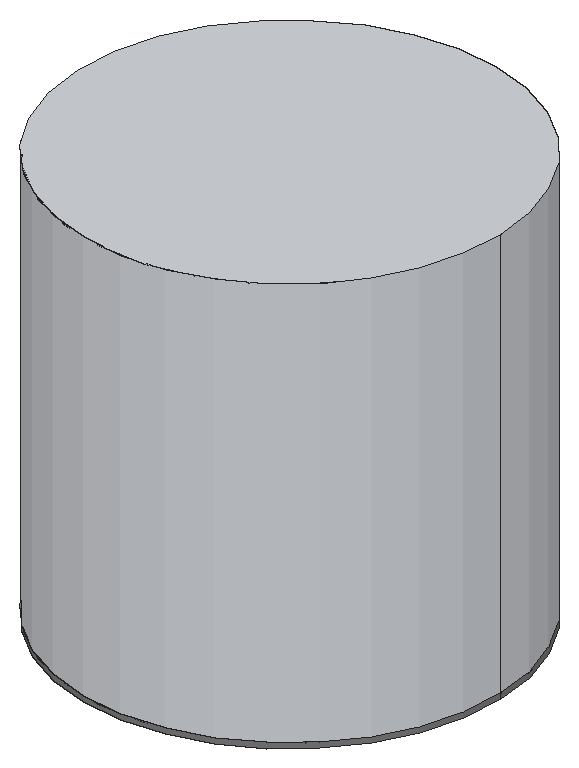
Revit family "Recessed Downlight Face Based", category Lighting Fixtures, Revit 2019
Family settings
  Round Connector Dimension = Use Diameter
  Part Type = Normal
  OmniClass Number = 23.80.70.00
  OmniClass Title = Lighting
  Work Plane-Based = Yes
  Always vertical = No
  Cut with Voids When Loaded = No
  Light Source = Yes
  Shared = No
  Room Calculation Point = No
Parameters (values of type "D3.1 Panos Infinity 32W T-Rail")
  Wattage Comments = "19.4"
  Wattage = 4.18737 W
  built-in parameter 1150110 = 1 (stored number, unit not read)
  URL = ""
  Type Comments = "D3.1"
  built-in parameter 1114217 = 0.8 (stored number, unit not read)
  Tilt Angle = 90.00°
  built-in parameter 1150109 = 1 (stored number, unit not read)
  built-in parameter 1150134 = 12
  built-in parameter 1150113 = 1 (stored number, unit not read)
  built-in parameter 1010507 = 0.5236 (stored number, unit not read)
  built-in parameter 1010506 = 0.2618 (stored number, unit not read)
  PRL_LTGSchedule_Output = ""
  PRL_LTGSchedule_Manufacturer = ""
  PRL_LTGSchedule_Lifetime = ""
  PRL_LTGSchedule_Installation = ""
  PRL_LTGSchedule_Description = ""
  PRL_LTGSchedule_Control = ""
  PRL_LTGSchedule_Classification = ""
  PRL_LTGSchedule_CatNo = ""
  PRL_LTGSchedule_CCT = ""
  PRL_LTGSchedule_Accessories = ""
  PRL_AppearsInSchedule = yes
  Manufacturer = "C"
  Lumens = 622 lm
  built-in parameter 1150115 = 1 (stored number, unit not read)
  built-in parameter 1150105 = 8097.9 (stored number, unit not read)
  built-in parameter 1150131 = 3048 mm
  built-in parameter 1150137 = (empty or 0)
  built-in parameter 1150139 = (empty or 0)
  built-in parameter 1150112 = 1 (stored number, unit not read)
  built-in parameter 1150114 = 1 (stored number, unit not read)
  Lamp = "1"
  built-in parameter 1150132 = 2
  built-in parameter 1150102 = (empty or 0)
  built-in parameter 1150138 = (empty or 0)
  built-in parameter 1150107 = 4000 (stored number, unit not read)
  built-in parameter 1150106 = 80.979 (stored number, unit not read)
  Family Revision = 4
  Emit from Circle Diameter = 155 mm
  Emit Shape Visible in Rendering = no
  built-in parameter 1150104 = 13.8 (stored number, unit not read)
  Dimming Lamp Color Temperature Shift = <None>
  Diameter = 155 mm
  Description = "C"
  Depth = 146 mm
  Default Elevation = 1219.2 mm
  Color Filter = 16777215
  built-in parameter 1114218 = 1 (stored number, unit not read)
  Light Source Symbol Length = 3048 mm
  Arm length = Diameter * 2  # 310 mm
  Apparent Load = 13.8 VA
Types (12, lengths in mm): name | Wattage | Type Comments | built-in parameter 1114217 | built-in parameter 1010507 | built-in parameter 1010506 | PRL_LTGSchedule_Output | PRL_LTGSchedule_Manufacturer | PRL_LTGSchedule_Lifetime | PRL_LTGSchedule_Installation | PRL_LTGSchedule_Description | PRL_LTGSchedule_Control | PRL_LTGSchedule_CatNo | PRL_LTGSchedule_CCT | PRL_LTGSchedule_Accessories | Manufacturer | Lumens | built-in parameter 1150105 | built-in parameter 1150106 | Description
  D3.1 Panos Infinity 32W T-Rail | 4.18737 W | "D3.1" | 0.8 (stored number, unit not read) | 0.5236 (stored number, unit not read) | 0.2618 (stored number, unit not read) | "" | "" | "" | "" | "" | "" | "" | "" | "" | "C" | 622 lm | 8097.9 (stored number, unit not read) | 80.979 (stored number, unit not read) | "C"
  D52.10 ELS ADL110 XTM 16.5W Vaneered Paneling 3000K | 8.65749 W | "D52.10" | 0.95 (stored number, unit not read) | 1.5708 (stored number, unit not read) | 0.5236 (stored number, unit not read) | "" | "" | "" | "" | "" | "" | "" | "" | "" | "" | 1286 lm | 4299.8 (stored number, unit not read) | 42.998 (stored number, unit not read) | ""
  D51.10 ELS ADL110 XTM 16.5W Vaneered Paneling 4000K | 8.65749 W | "D51.10" | 0.95 (stored number, unit not read) | 1.5708 (stored number, unit not read) | 0.5236 (stored number, unit not read) | "" | "" | "" | "" | "" | "" | "" | "" | "" | "" | 1286 lm | 4299.8 (stored number, unit not read) | 42.998 (stored number, unit not read) | ""
  D12.2 ERCO Compact Lens 42W Gib | 14.1374 W | "D12.2" | 0.8 (stored number, unit not read) | 1.5708 (stored number, unit not read) | 0.5236 (stored number, unit not read) | "" | "" | "" | "" | "" | "" | "" | "" | "" | "" | 2100 lm | 7021.5 (stored number, unit not read) | 70.215 (stored number, unit not read) | ""
  D12.1 ERCO Compact Lens Wallwasher 43W T-Rail | 8.65749 W | "D12.1" | 0.95 (stored number, unit not read) | 1.5708 (stored number, unit not read) | 0.5236 (stored number, unit not read) | "" | "" | "" | "" | "" | "" | "" | "" | "" | "" | 1286 lm | 4299.8 (stored number, unit not read) | 42.998 (stored number, unit not read) | ""
  D9.3 ERCO Compact Downlight 16W Soffit | 8.65749 W | "D9.3" | 0.95 (stored number, unit not read) | 1.5708 (stored number, unit not read) | 0.5236 (stored number, unit not read) | "" | "" | "" | "" | "" | "" | "" | "" | "" | "" | 1286 lm | 4299.8 (stored number, unit not read) | 42.998 (stored number, unit not read) | ""
  D4.2 Panos Infinity 32W Gib IP54 | 8.65749 W | "D4.2" | 0.95 (stored number, unit not read) | 1.5708 (stored number, unit not read) | 0.5236 (stored number, unit not read) | "15W LED\r\n1882 lm" | "Zumtobel" | "50,000 Hrs\r\nL95" | "Recessed in Plaster/Gib Ceiling" | "Recessed 100mm deep down-light with trim & smooth optic.\r\nColour = White." | "Casambi Enabled DALI Dimmable Control Gear (Tridonic BasicDIM Wireless Or Casambi CBU-ASD Module)" | "Panos Infinity\r\nE200 LG" | "4000K\r\nCRI=90+" | "IP54 transparent attachment" | "" | 1286 lm | 4299.8 (stored number, unit not read) | 42.998 (stored number, unit not read) | ""
  D3.2 Panos Infinity 32W Gib | 17.6516 W | "D3.2" | 0.8 (stored number, unit not read) | 1.5708 (stored number, unit not read) | 0.5236 (stored number, unit not read) | "" | "" | "" | "" | "" | "" | "" | "" | "" | "C" | 2622 lm | 8766.8 (stored number, unit not read) | 87.668 (stored number, unit not read) | ""
  D2.2 Panos Infinity 16W Gib | 13.0603 W | "D2.2" | 0.8 (stored number, unit not read) | 0.7854 (stored number, unit not read) | 0.2618 (stored number, unit not read) | "16W LED\r\n1940 lm" | "Zumtobel" | "5 years" | "Recessed in Plaster/Gib Ceiling" | "Recessed 100mm deep down-light with white trim, CRI = 90+ LEDs, smooth optic, IP54 transparent attachment." | "Fixed output ECG" | "Panos Infinity\r\nE200 LG LED" | "4000K\r\nCRI=90+" | "" | "" | 1940 lm | 6486.5 (stored number, unit not read) | 64.865 (stored number, unit not read) | ""
  D2.1 Panos Infinity 16W T-Rail | 13.0603 W | "D2.1" | 0.8 (stored number, unit not read) | 1.5708 (stored number, unit not read) | 0.5236 (stored number, unit not read) | "" | "" | "" | "" | "" | "" | "" | "" | "" | "" | 1940 lm | 6486.5 (stored number, unit not read) | 64.865 (stored number, unit not read) | ""
  S2.5 Touch Maxi LED Ixpoint mount Black | 8.65749 W | "S2.5" | 0.95 (stored number, unit not read) | 1.5708 (stored number, unit not read) | 0.5236 (stored number, unit not read) | "" | "" | "" | "" | "" | "" | "" | "" | "" | "" | 1286 lm | 4299.8 (stored number, unit not read) | 42.998 (stored number, unit not read) | ""
  S1.5 Touch Maxi LED Ixpoint mount White | 8.65749 W | "S1.5" | 0.95 (stored number, unit not read) | 1.5708 (stored number, unit not read) | 0.5236 (stored number, unit not read) | "" | "" | "" | "" | "" | "" | "" | "" | "" | "" | 1286 lm | 4299.8 (stored number, unit not read) | 42.998 (stored number, unit not read) | ""
Reference planes
  plane 1 "Light Source Axis (F/B)": y = 0
  plane 2: z = 0
  plane 3 "Light Source Axis (L/R)": x = 0
  plane 4 "Light Source Elevation": z = -7
Forms (mm)
  Extrusion 1, solid, material "Default Light Source Text2"
    sketch origin (0, 0, 0) x (1, 0, 0) y (0, 1, 0)
      loop
        circle (0, 0) r 77.5
    from -7 to -5
  Extrusion 2, solid
    sketch origin (0, 0, 0) x (1, 0, 0) y (0, 1, 0)
      loop
        circle (0, 0) r 77.5
    from -5 to 146 <- "Depth"
Dimensions and locks
  "Diameter": diameter of Extrusion 2 sketch curve
  "Diameter": diameter of Extrusion 1 sketch curve
  aligned and locked: plane 4 "Light Source Elevation" to imposter light
  aligned and locked: level to plane 2
  aligned and locked: imposter light to Extrusion 1
Automatic sketch dimensions
  plane 1 "Light Source Axis (F/B)" to Extrusion 1 sketch curve = 0 mm
  Extrusion 1 sketch curve to plane 3 "Light Source Axis (L/R)" = 0 mm
  plane 1 "Light Source Axis (F/B)" to Extrusion 2 sketch curve = 0 mm
  Extrusion 2 sketch curve to plane 3 "Light Source Axis (L/R)" = 0 mm
Connectors
  electrical at (0, 0, -5), driven by "Apparent Load"
    settings: on Extrusion 1, index 1, voltage 230 V, apparent load 0 VA, apparent load phase1 13.8 VA, apparent load phase2 0 VA, apparent load phase3 0 VA, power factor 1, load classification "Lighting", number of poles 1, system type 31, power factor state 1, is connector primary yes, connector utility no, sub classification motor no, connector description ""
